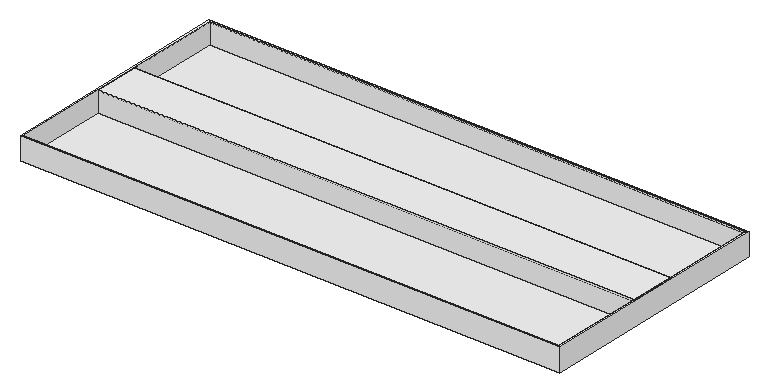
Revit family "Cultivaire", category Lighting Fixtures, host Face, Revit 2013
Parameters (values of type "CGS4-FSF-E-W-EDU")
  Wattage = 425 W
  Warranty = "Five year warranty "  # constant formula
  built-in parameter 1150110 = 1 (stored number, unit not read)
  Voltage = 120 V
  Wattage Comments = "425W"
  URL = "http://www.hubbellindustrial.com/"
  built-in parameter 1114217 = 1 (stored number, unit not read)
  Tilt Angle = -90.00°
  built-in parameter 1150109 = 1 (stored number, unit not read)
  built-in parameter 1150134 = 12
  built-in parameter 1150113 = 1 (stored number, unit not read)
  Spectrum = "Full Spectrum Flowering"
  Reflector = "Wide Distribution"
  Product Page URL = "http://www.hubbellindustrial.com/products/cultivaire_1"
  Product Documentation Link = "http://cdn.hubbellindustrial.com/content/products/specs/specs_files/hil_0362_cgs_s_16.pdf"
  Power Factor = 1
  Photometric Web Link = "http://www.hubbellindustrial.com/products/cultivaire_1"
  Photometric Web File = "CGS4-FSF-E-W-EDU.ies"
  Nominal Watts = 425 W
  Model = "Cultivaire"  # constant formula
  Manufacturer Phone = "864-678-1000"  # constant formula
  Manufacturer Fax = "866-898-0131"  # constant formula
  Manufacturer = "Hubbell Industrial Lighting"  # constant formula
  built-in parameter 1150105 = 4105.8 (stored number, unit not read)
  Lumens = 51595 lm
  built-in parameter 1150115 = 1 (stored number, unit not read)
  Lumem Output = "Ultra High"
  Load Classification = Lighting
  built-in parameter 1150137 = (empty or 0)
  built-in parameter 1150139 = (empty or 0)
  built-in parameter 1150112 = 1 (stored number, unit not read)
  built-in parameter 1150114 = 1 (stored number, unit not read)
  Lamp = "LEDs"  # constant formula
  built-in parameter 1150132 = (empty or 0)
  built-in parameter 1150102 = (empty or 0)
  built-in parameter 1150107 = 4000 (stored number, unit not read)
  built-in parameter 1150138 = (empty or 0)
  built-in parameter 1150106 = 41.058 (stored number, unit not read)
  Glass = Hubbell - White Glass
  Emit from Rectangle Width = 20"  # constant formula
  Emit from Rectangle Length = 47"  # constant formula
  Emit Shape Visible in Rendering = no
  built-in parameter 1150104 = 11.278 (stored number, unit not read)
  Dimming Lamp Color Temperature Shift = <None>
  Description = "Horticultural luminaire provides three full-spectrum LED color distribution options to improve plant yields for general, flowering, and vegetative plant growth cycles"  # constant formula
  Default Elevation = 48"
  Color Filter = 16777215
  built-in parameter 1114218 = 1 (stored number, unit not read)
  Housing Material = Hubbell-Paint-White
  built-in parameter 1150133 = 10 (stored number, unit not read)
  Apparent Load = Nominal Watts / Power Factor  # 425 VA
Types (4): name | Spectrum | Photometric Web File
  (no name) | "Full Spectrum Flowering" | "CGS4-FSF-E-W-EDU.ies"
  CGS4-FSF-E-W-EDU | "Full Spectrum Flowering" | "CGS4-FSF-E-W-EDU.ies"
  CGS4-FSG-E-W-EU | "Full Spectrum General" | "CGS4-FSG-E-W-EU.ies"
  CGS4-FSV-E-W-EDU | "Full Spectrum Vegetative" | "CGS4-FSV-E-W-EDU.ies"
Reference planes (in)
  plane 1 "Center (Front/Back)": y = 0.03999
  plane 2: z = 0
  plane 3 "Center (Left/Right)": x = 1.66944
  plane 4: x = -22.33056
  plane 5: x = 25.66944
  plane 6: y = 10.53999
  plane 7: y = -10.46001
  plane 8: z = 2
  plane 9: x = -22.20556
  plane 10: x = 25.54444
  plane 11: y = 10.41499
  plane 12: y = -10.33501
  plane 13: z = 0.125
  plane 14: y = 2.03999
  plane 15: y = -1.96001
  plane 16: z = 1.875
Forms (in)
  Extrusion 1, solid, material "Hubbell-Paint-White" <- "Housing Material", detail levels coarse
    sketch origin (0, 0, 0) x (1, 0, 0) y (0, 1, 0)
      loop
        line (-22.33056, 10.53999) -> (-22.33056, -10.46001) -> (25.66944, -10.46001) -> (25.66944, 10.53999) -> (-22.33056, 10.53999)
    from 0 to 2
  Extrusion 2, solid, material "Hubbell-Paint-White" <- "Housing Material"
    sketch origin (0, 0, 0) x (1, 0, 0) y (0, 1, 0)
      loop
        line (-22.33056, 10.53999) -> (-22.33056, -10.46001) -> (25.66944, -10.46001) -> (25.66944, 10.53999) -> (-22.33056, 10.53999)
    from 0 to 2
  Extrusion 3, void
    sketch origin (0, 0, 0) x (1, 0, 0) y (0, 1, 0)
      loop
        line (-22.20556, 10.41499) -> (-22.20556, -10.33501) -> (25.54444, -10.33501) -> (25.54444, 10.41499) -> (-22.20556, 10.41499)
    from 0.125 to 2
  Extrusion 4, solid, material "Hubbell-Paint-White" <- "Housing Material"
    sketch origin (0, 0, 0) x (1, 0, 0) y (0, 1, 0)
      loop
        line (-22.20556, 2.03999) -> (-22.20556, -1.96001) -> (25.54444, -1.96001) -> (25.54444, 2.03999) -> (-22.20556, 2.03999)
    from 0.125 to 2
  Extrusion 5, solid, material "Hubbell - White Glass" <- "Glass"
    sketch origin (0, 0, 0) x (1, 0, 0) y (0, 1, 0)
      loop
        line (-22.20556, 10.41499) -> (-22.20556, 2.03999) -> (25.54444, 2.03999) -> (25.54444, 10.41499) -> (-22.20556, 10.41499)
      loop
        line (-22.20556, -10.33501) -> (25.54444, -10.33501) -> (25.54444, -1.96001) -> (-22.20556, -1.96001) -> (-22.20556, -10.33501)
    from 1.875 to 2
Cuts and joins
  Extrusion 3 cuts Extrusion 2
Dimensions and locks (in)
  equal spacing: plane 4, plane 3 "Center (Left/Right)", plane 5
  equal spacing: plane 7, plane 1 "Center (Front/Back)", plane 6
  locked: plane 7 to plane 6 at 21
  plane 4 to plane 5 = 48"
  locked: plane 4 to plane 9 at 0.125
  locked: plane 10 to plane 5 at 0.125
  locked: plane 11 to plane 6 at 0.125
  locked: plane 12 to plane 7 at 0.125
  plane 8 to plane 2 = 2"
  locked: plane 13 to plane 2 at 0.125
  equal spacing: plane 14, plane 1 "Center (Front/Back)", plane 15, locked at 2 each
  locked: plane 8 to plane 16 at 0.125
  aligned and locked: plane 2 to host face
  aligned and locked: level to host face
  aligned and locked: imposter light to plane 1 "Center (Front/Back)"
  aligned and locked: Extrusion 1 to plane 2
  aligned and locked: plane 6 to Extrusion 2 sketch curve
  aligned and locked: plane 4 to Extrusion 2 sketch curve
  aligned and locked: plane 7 to Extrusion 2 sketch curve
  aligned and locked: plane 5 to Extrusion 2 sketch curve
  aligned and locked: plane 8 to Extrusion 2
  aligned and locked: Extrusion 2 to plane 2
  aligned and locked: plane 11 to Extrusion 3 sketch curve
  aligned and locked: plane 9 to Extrusion 3 sketch curve
  aligned and locked: plane 12 to Extrusion 3 sketch curve
  aligned and locked: plane 10 to Extrusion 3 sketch curve
  aligned and locked: Extrusion 3 to plane 13
  aligned and locked: plane 8 to Extrusion 3
  aligned and locked: plane 14 to Extrusion 4 sketch curve
  aligned and locked: plane 15 to Extrusion 4 sketch curve
  aligned and locked: plane 10 to Extrusion 4 sketch curve
  aligned and locked: plane 9 to Extrusion 4 sketch curve
  aligned and locked: Extrusion 4 to plane 13
  aligned and locked: plane 8 to Extrusion 4
  aligned and locked: Extrusion 5 sketch curve to cut or joined group of Extrusion 2, Extrusion 3
  aligned and locked: Extrusion 5 sketch curve to Extrusion 4
  aligned and locked: plane 9 to Extrusion 5 sketch curve
  aligned and locked: plane 10 to Extrusion 5 sketch curve
  aligned and locked: plane 15 to Extrusion 5 sketch curve
  aligned and locked: Extrusion 5 sketch curve to plane 9
  aligned and locked: Extrusion 5 sketch curve to plane 12
  aligned and locked: Extrusion 5 sketch curve to plane 10
  aligned and locked: plane 8 to Extrusion 5
  aligned and locked: Extrusion 5 to plane 16
  aligned and locked: plane 3 "Center (Left/Right)" to imposter light
  aligned and locked: plane 8 to imposter light
  aligned and locked: plane 8 to Extrusion 1
Automatic sketch dimensions
  host sketch curve to host sketch curve = 96"  (x2)
  Extrusion 1 sketch curve to plane 4 = 0"
  Extrusion 1 sketch curve to plane 5 = 0"
  Extrusion 1 sketch curve to plane 7 = 0"
  plane 6 to Extrusion 1 sketch curve = 0"
Connectors (in)
  electrical at (1.66944, 0.03999, 0), driven by "Voltage", driven by "Apparent Load", driven by "Power Factor"
    settings: on cut or joined group of Extrusion 2, Extrusion 3, index 1, voltage 120 V, apparent load 425 VA, apparent load phase1 0 VA, apparent load phase2 0 VA, apparent load phase3 0 VA, power factor 1, load classification "Lighting", number of poles 1, system type 30, power factor state 1, is connector primary yes, connector utility no, sub classification motor no, connector description "Lighting Connector"
